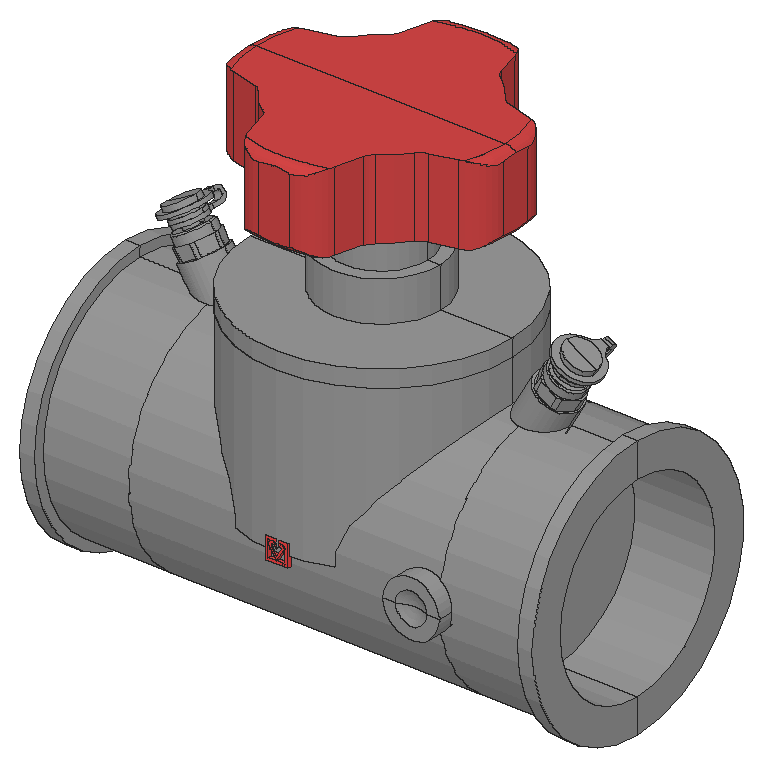
Revit family "HERZ Strömax Commissioning Valve With Test Points, Straight Body 4217 GM", category Rohrzubehör, Revit 2020
Family settings
  Bemaßung runder Anschluss = Durchmesser verwenden
  Teiletyp = Unterbricht
  OmniClass-Nummer = 23.65.55.14
  OmniClass-Titel = Valves for Liquid Services
  Arbeitsebenenbasiert = Nein
  Immer vertikal = Ja
  Beim Laden mit Abzugskörper schneiden = Nein
  Gemeinsam genutzt = Nein
Parameters
  kvs-value [instance] = if(Nennweite = 15.00 mm, 6.05, if(Nennweite = 20.00 mm, 6.11, if(Nennweite = 25.00 mm, 9.22, if(Nennweite = 32.00 mm, 18.83, if(Nennweite = 40.00 mm, 23.29, if(Nennweite = 50.00 mm, 35.26, if(Nennweite = 65.00 mm, 52.11, if(Nennweite = 80.00 mm, 76.1, 0))))))))  # 76.1
  W02 = 60.00°  # constant formula
  W01 = 30.00°  # constant formula
  Vorgabe-Ansicht = 0.00 mm
  URL = "www.herzvalves.com"
  SC_NennweiteBerechnet = 0
  SC_Dimension = ""
  SCRNSEQ = "ARM;ARM_TYP=\"STRV\";2"
  SCRNCODE = "05;07;02"  # constant formula
  S02 = 60.00 mm  # constant formula
  S01 [instance] = H00 + H01  # 119.31 mm
  R01 [instance] = size_lookup("4217_GM_", "R1", 1.00 mm, Nennweite)  # 53.00 mm
  Part number [instance] = size_lookup("4217_GM_", "Artnr", 0, Nennweite)  # 1421708
  Nennweite [instance] = 80.00 mm
  Model = "STRÖMAX-GM commissioning valve with test points, 1/2′′ – 3′′:\r\nScrew down model, brass version, socket x socket, non-rising spindle, spindle seal by means of double-O-ring, presetting by limitation of valve lift by means of internal spindle;\r\ndigital display of presetting step at the hand wheel window.\r\n2 standard test points are located adjacent to the hand wheel."
  Medium = "Water purity in accordance with the OeNORM H5195 and VDI 2035 standards.\r\nEthylene and propylene glycol can be mixed to a ratio of 25 - 50 vol. [%]."
  Max. operating pressure = 1600000.0 Pa  # constant formula
  Max. operating temperature (up to DN32) = 130 °C  # constant formula
  Max. operating temperature (from DN40) = 110 °C  # constant formula
  ML02 [instance] = size_lookup("4217_GM_", "ML2", 1.00 mm, Nennweite)  # 70.50 mm
  ML01 [instance] = size_lookup("4217_GM_", "ML1", 1.00 mm, Nennweite)  # 37.35 mm
  MD01 = 9.50 mm  # constant formula
  L02 [instance] = size_lookup("4217_GM_", "L2", 1.00 mm, Nennweite)  # 6.00 mm
  L01 [instance] = size_lookup("4217_GM_", "L1", 1.00 mm, Nennweite)  # 41.30 mm
  L00 [instance] = size_lookup("4217_GM_", "L", 1.00 mm, Nennweite)  # 210.00 mm
  IG [instance] = Nennweite / 2  # 40.00 mm
  Hersteller = "HERZ Armaturen Ges.m.b.H."  # constant formula
  H04 [instance] = size_lookup("4217_GM_", "H4", 1.00 mm, Nennweite)  # 19.00 mm
  H03 = 10.00 mm  # constant formula
  H02 [instance] = size_lookup("4217_GM_", "H2", 1.00 mm, Nennweite)  # 7.00 mm
  H01 [instance] = size_lookup("4217_GM_", "H1", 1.00 mm, Nennweite)  # 52.60 mm
  H00 [instance] = size_lookup("4217_GM_", "H", 1.00 mm, Nennweite)  # 66.71 mm
  Weight [instance] = if(Nennweite = 15.00 mm, "0.85 kg", if(Nennweite = 20.00 mm, "1.22 kg", if(Nennweite = 25.00 mm, "1.55 kg", if(Nennweite = 32.00 mm, "1.88 kg", if(Nennweite = 40.00 mm, "2.34 kg", if(Nennweite = 50.00 mm, "3.74 kg", if(Nennweite = 65.00 mm, "5.23 kg", if(Nennweite = 80.00 mm, "6.97 kg", "0 kg"))))))))  # "6.97 kg"
  GT [instance] = size_lookup("4217_GM_", "GT", 1.00 mm, Nennweite)  # 33.30 mm
  Field of application = "For hydraulic balancing in heating and cooling systems, adjustment of distribution mains, circuits, heat exchangers, heating and cooling registers, etc."
  Installation position = "The non-rising valve spindle arranged perpendicular to the valve axis guarantees optimum accessibility and optimum valve operation in any installation position."
  Differential pressure measurement = "The STRÖMAX-GM commissioning valve is equipped with two test points.\r\nThe differential pressure can be measured using a suitable measuring instrument, which permits calculation of the flow rate as a function of the respective presetting step.\r\nThe HERZ-Measuring computer (1 8900 05) permits direct flow rate reading (consult the equipment manual)."
  DN80 [instance] = Nennweite = 80.00 mm  # yes
  DN65 [instance] = Nennweite = 65.00 mm  # no
  DN50_DN80 [instance] = or(Nennweite = 50.00 mm, Nennweite = 65.00 mm, Nennweite = 80.00 mm)  # yes
  DN50-DN80 [instance] = H00 + H01  # 119.31 mm
  DN50 [instance] = Nennweite = 50.00 mm  # no
  DN40 [instance] = Nennweite = 40.00 mm  # no
  DN32 [instance] = Nennweite = 32.00 mm  # no
  DN25 [instance] = Nennweite = 25.00 mm  # no
  DN20 [instance] = Nennweite = 20.00 mm  # no
  DN15_DN40 [instance] = or(Nennweite = 15.00 mm, Nennweite = 20.00 mm, Nennweite = 25.00 mm, Nennweite = 32.00 mm, Nennweite = 40.00 mm)  # no
  DN15-DN40 [instance] = H00 + H01  # 119.31 mm
  DN15 [instance] = Nennweite = 15.00 mm  # no
  D06 [instance] = size_lookup("4217_GM_", "D6", 1.00 mm, Nennweite)  # 24.30 mm
  D05 [instance] = size_lookup("4217_GM_", "D5", 1.00 mm, Nennweite)  # 19.00 mm
  D04 = 9.00 mm  # constant formula
  D03 [instance] = size_lookup("4217_GM_", "D3", 1.00 mm, Nennweite)  # 53.80 mm
  D02 [instance] = size_lookup("4217_GM_", "D2", 1.00 mm, Nennweite)  # 54.00 mm
  D01 [instance] = size_lookup("4217_GM_", "D1", 1.00 mm, Nennweite)  # 50.00 mm
  Body = "DZR brass"  # constant formula
Reference planes
  plane 1 "Mitte (Vorne/hinten)": y = 0
  plane 2: z = 0
  plane 3 "Mitte (Links/rechts)": x = 0
Forms (mm)
  Revolve 1, solid, material "Messing, weicher Gelbton, geschweißt", detail levels fine
    sketch origin (0, 0, 0) x (1, 0, 0) y (0, 0, 1)
      loop
        line (-105, 54) -> (-105, 40) -> (-71.7, 40) -> (-71.7, 0) -> (71.7, 0) -> (71.7, 40) -> (105, 40) -> (105, 54) -> (99, 54) -> (99, 50) -> (63.7, 50)
        arc (63.7, 50) -> (0, 53) -> (-63.7, 50) r 677.782
        line (-63.7, 50) -> (-99, 50) -> (-99, 54) -> (-105, 54)
      axis (-105, 0) -> (105, 0)
    angle from 0 to 360
  Revolve 2, solid, material "Messing, weicher Gelbton, geschweißt", detail levels fine
    sketch origin (0, 0, 0) x (1, 0, 0) y (0, 0, 1)
      loop
        line (37.35, 0) -> (72.6, 61.055) -> (64.373, 65.805) -> (29.123, 4.75) -> (37.35, 0)
      axis (37.35, 0) -> (72.6, 61.055)
    angle from 0 to 360
  Revolve 3, solid, material "Messing, weicher Gelbton, geschweißt", detail levels fine
    sketch origin (0, 0, 0) x (1, 0, 0) y (0, 0, 1)
      loop
        line (0, 0) -> (0, 66.71) -> (-53.8, 66.71) -> (-53.8, 0) -> (0, 0)
      axis (0, 66.71) -> (0, 0)
    angle from 0 to 360
  Revolve 4, solid, material "Messing, weicher Gelbton, geschweißt", detail levels fine
    sketch origin (0, 0, 0) x (-1, 0, 0) y (0, 0, 1)
      loop
        line (37.35, 0) -> (72.6, 61.055) -> (64.373, 65.805) -> (29.123, 4.75) -> (37.35, 0)
      axis (37.35, 0) -> (72.6, 61.055)
    angle from 0 to 360
  Revolve 5, solid, material "Messing, weicher Gelbton, geschweißt", visible <- "DN65", detail levels fine
    sketch origin (0, 0, 0) x (1, 0, 0) y (0, 1, 0)
      loop
        line (60, 47.945) -> (60, -47.945)
        arc (60, -47.945) -> (63.368, -48.598) -> (66.5, -50) r 15
        line (66.5, -50) -> (71.5, -50) -> (71.5, 50) -> (66.5, 50)
        arc (66.5, 50) -> (63.368, 48.598) -> (60, 47.945) r 15
      axis (60, 50) -> (60, -50)
    angle from 0 to 360
  Revolve 6, solid, material "Messing, weicher Gelbton, geschweißt", detail levels fine
    sketch origin (0, 0, 0) x (1, 0, 0) y (0, 0, 1)
      loop
        line (0, 66.71) -> (0, 119.31) -> (-9, 119.31) -> (-9, 109.31) -> (-19, 109.31) -> (-19, 90.31) -> (-24.3, 90.31) -> (-24.3, 73.71) -> (-53.8, 73.71) -> (-53.8, 66.71) -> (0, 66.71)
      axis (0, 119.31) -> (0, 66.71)
    angle from 0 to 360
  Revolve 7, solid, material "Messing, weicher Gelbton, geschweißt", visible <- "DN80", detail levels fine
    sketch origin (0, 0, 0) x (1, 0, 0) y (0, 1, 0)
      loop
        line (57, 53.945) -> (57, -53.945)
        arc (57, -53.945) -> (60.368, -54.598) -> (63.5, -56) r 15
        line (63.5, -56) -> (68.5, -56) -> (68.5, 56) -> (63.5, 56)
        arc (63.5, 56) -> (60.368, 54.598) -> (57, 53.945) r 15
      axis (57, 56) -> (57, -56)
    angle from 0 to 360
Lines and regions (mm)
  model lines, detail levels coarse+medium
    curve 1: line (-105, 0, 54) -> (-105, 0, -54)
    curve 2: line (-105, 0, -54) -> (105, 0, 54)
    curve 3: line (105, 0, 54) -> (105, 0, -54)
    curve 4: line (105, 0, -54) -> (-105, 0, 54)
    curve 5: line (0, 0, 0) -> (68.884, 0, 119.31)
    curve 6: line (42.903, 0, 134.31) -> (94.864, 0, 104.31)
    curve 7: line (-105, 54, 0) -> (-105, -54, 0)
    curve 8: line (-105, -54, 0) -> (105, 54, 0)
    curve 9: line (105, 54, 0) -> (105, -54, 0)
    curve 10: line (105, -54, 0) -> (-105, 54, 0)
    curve 11: line (0, 0, 0) -> (68.884, 119.31, 0)
    curve 12: line (42.903, 134.31, 0) -> (94.864, 104.31, 0)
Dimensions and locks
  "IG": Revolve 1 sketch curve to plane 2
  "GT": Revolve 1 sketch curve to Revolve 1 sketch curve  (x2)
  "IG": Revolve 1 sketch curve to Revolve 1 sketch curve
  "D01": Revolve 1 sketch curve to Revolve 1 sketch curve  (x2)
  "R01": Revolve 1 sketch curve to Revolve 1 sketch curve
  "L02": Revolve 1 sketch curve to Revolve 1 sketch curve  (x2)
  "L01": Revolve 1 sketch curve to Revolve 1 sketch curve  (x2)
  "D02": Revolve 1 sketch curve to plane 2  (x2)
  equal spacing: Revolve 1 sketch curve, plane 3 "Mitte (Links/rechts)", Revolve 1 sketch curve
  "L00": Revolve 1 sketch curve to Revolve 1 sketch curve
  "R01": nested 1 to plane 1 "Mitte (Vorne/hinten)"
  "ML01": Revolve 2 sketch curve to plane 3 "Mitte (Links/rechts)"
  "H00": Revolve 3 sketch curve to plane 2
  "D03": Revolve 3 sketch curve to Revolve 3 sketch curve
  "ML02": Revolve 2 sketch curve to Revolve 2 sketch curve
  "MD01": Revolve 2 sketch curve to Revolve 2 sketch curve  (x2)
  "ML02": Revolve 4 sketch curve to Revolve 4 sketch curve
  "MD01": Revolve 4 sketch curve to Revolve 4 sketch curve  (x2)
  "ML01": plane 3 "Mitte (Links/rechts)" to Revolve 4 sketch curve
  Revolve 5 sketch curve to Revolve 1 = 45.00 mm
  Revolve 5 sketch curve to Revolve 5 sketch curve = 11.50 mm  (x2)
  Revolve 5 sketch curve to plane 1 "Mitte (Vorne/hinten)" to Revolve 5 sketch curve = 50.00 mm, 50.00 mm
  "H00": Revolve 6 sketch curve to plane 2
  "H01": Revolve 6 sketch curve to Revolve 6 sketch curve
  "D04": Revolve 6 sketch curve to Revolve 6 sketch curve
  "D03": Revolve 6 sketch curve to Revolve 6 sketch curve
  "D05": Revolve 6 sketch curve to Revolve 6 sketch curve
  "D06": Revolve 6 sketch curve to Revolve 6 sketch curve
  "H02": Revolve 6 sketch curve to Revolve 6 sketch curve
  "H03": Revolve 6 sketch curve to Revolve 6 sketch curve
  "H04": Revolve 6 sketch curve to Revolve 6 sketch curve
  Revolve 7 sketch curve to Revolve 1 = 48.00 mm
  Revolve 7 sketch curve to Revolve 7 sketch curve = 11.50 mm  (x2)
  Revolve 7 sketch curve to plane 1 "Mitte (Vorne/hinten)" to Revolve 7 sketch curve = 56.00 mm, 56.00 mm
  "DN15-DN40": nested 2 to plane 2
  "DN50-DN80": nested 3 to plane 2
  "D02": curve 4 to plane 2 to curve 2
  "D02": curve 3 to plane 2 to curve 4
  equal spacing: curve 1, plane 3 "Mitte (Links/rechts)", curve 3
  "L00": curve 1 to curve 3
  equal spacing: Revolve 1, curve 5, Revolve 1
  "S01": curve 5 to plane 2
  equal spacing: curve 6, curve 5, curve 6
  "S02": curve 6 to curve 6
  "D02": curve 8 to plane 1 "Mitte (Vorne/hinten)" to curve 10
  "D02": curve 10 to plane 1 "Mitte (Vorne/hinten)" to curve 9
  equal spacing: curve 7, plane 3 "Mitte (Links/rechts)", curve 9
  "L00": curve 7 to curve 9
  equal spacing: curve 7, curve 11, curve 9
  "S01": plane 1 "Mitte (Vorne/hinten)" to curve 11
  equal spacing: curve 12, curve 11, curve 12
  "S02": curve 12 to curve 12
  radius of Revolve 5 sketch curve = 15.00 mm  (x2)
  radius of Revolve 7 sketch curve = 15.00 mm  (x2)
  "W01": angle Revolve 2 sketch curve to plane 3 "Mitte (Links/rechts)"  (x2)
  "W01": angle plane 3 "Mitte (Links/rechts)" to Revolve 4 sketch curve  (x2)
  "W02": angle plane 2 to curve 5
  "W02": angle plane 1 "Mitte (Vorne/hinten)" to curve 11
  aligned and locked: level to plane 2
Automatic sketch dimensions
  Revolve 5 sketch curve to Revolve 5 sketch curve = 1.153 mm  (x2)
  Revolve 5 sketch curve to Revolve 5 sketch curve = 5.00 mm  (x2)
  Revolve 5 sketch curve to Revolve 5 sketch curve = 2.854 mm  (x2)
  Revolve 7 sketch curve to Revolve 7 sketch curve = 1.153 mm  (x2)
  Revolve 7 sketch curve to Revolve 7 sketch curve = 5.00 mm  (x2)
  Revolve 7 sketch curve to Revolve 7 sketch curve = 8.854 mm  (x2)
  Revolve 1 sketch curve to level = 0.00 mm  (x2)
  Revolve 1 sketch curve to Revolve 1 sketch curve = 1429.986 mm
  Revolve 1 sketch curve to Revolve 1 sketch curve = 1762.604 mm
  Revolve 2 sketch curve to level = 0.00 mm  (x2)
  Revolve 3 sketch curve to level = 0.00 mm
  Revolve 3 sketch curve to plane 3 "Mitte (Links/rechts)" = 0.00 mm  (x2)
  Revolve 3 sketch curve to Revolve 3 sketch curve = 366.045 mm
  Revolve 3 sketch curve to Revolve 3 sketch curve = 2179.415 mm
  Revolve 4 sketch curve to level = 0.00 mm  (x2)
  Revolve 6 sketch curve to plane 3 "Mitte (Links/rechts)" = 0.00 mm  (x2)
  Revolve 6 sketch curve to level = 366.045 mm
  Revolve 6 sketch curve to Revolve 6 sketch curve = 2146.115 mm
Nested families
  nested 1: "Herz-Logo-vorne" at (0, -53, 0) x (0, 1, 0) z (0, 0, 1), type "Herz-Logo-vorne", detail levels fine
  nested 2: "Strangregulierventil-Handrad-Gerade (Rot) DN15-DN40" at (0, 0, 119.31), visible <- "DN15_DN40", type "Strangregulierventil-Handrad-Gerade (Rot) DN15-DN40", detail levels fine
    with Nennweite 0.00 mm, Gewicht 0.00 kg, Bestellnummer 0
  nested 3: "Strangregulierventil-Handrad-Gerade (Rot) DN50-DN80" at (0, 0, 119.31), visible <- "DN50_DN80", type "Strangregulierventil-Handrad-Gerade (Rot) DN50-DN80", detail levels fine
    with Nennweite 0.00 mm, Gewicht 0.00 kg, Bestellnummer 0
  nested 4: "Messstutzen_Band_Austritt_30Grad_(oben)" at (47.24, 0, 34.901), visible <- "DN50", type "Messstutzen_Band_Austritt_30Grad_(oben)", detail levels fine
    with Schutzkappe yes, Nennweite 0.00 mm, Gewicht 0.00 kg, Bestellnummer 0
  nested 5: "Messstutzen_Band_Eintritt_30Grad_(oben)" at (-47.24, 0, 34.901) x (-1, 0, 0) z (0, 0, 1), visible <- "DN50", type "Messstutzen_Band_Eintritt_30Grad_(oben)", detail levels fine
    with Schutzkappe yes, Nennweite 0.00 mm, Gewicht 0.00 kg, Bestellnummer 0
  nested 6: "Messstutzen_Band_Austritt_30Grad_(oben)" at (27.02, 0, 10.999), visible <- "DN15", type "Messstutzen_Band_Austritt_30Grad_(oben)", detail levels fine
    with Schutzkappe yes, Nennweite 0.00 mm, Gewicht 0.00 kg, Bestellnummer 0
  nested 7: "Messstutzen_Band_Eintritt_30Grad_(oben)" at (-27.02, 0, 10.999) x (-1, 0, 0) z (0, 0, 1), visible <- "DN15", type "Messstutzen_Band_Eintritt_30Grad_(oben)", detail levels fine
    with Schutzkappe yes, Nennweite 0.00 mm, Gewicht 0.00 kg, Bestellnummer 0
  nested 8: "Messstutzen_Band_Eintritt_30Grad_(oben)" at (-24.855, 0, 13.553) x (-1, 0, 0) z (0, 0, 1), visible <- "DN20", type "Messstutzen_Band_Eintritt_30Grad_(oben)", detail levels fine
    with Schutzkappe yes, Nennweite 0.00 mm, Gewicht 0.00 kg, Bestellnummer 0
  nested 9: "Messstutzen_Band_Austritt_30Grad_(oben)" at (24.855, 0, 13.553), visible <- "DN20", type "Messstutzen_Band_Austritt_30Grad_(oben)", detail levels fine
    with Schutzkappe yes, Nennweite 0.00 mm, Gewicht 0.00 kg, Bestellnummer 0
  nested 10: "Messstutzen_Band_Eintritt_30Grad_(oben)" at (-29.265, 0, 17.883) x (-1, 0, 0) z (0, 0, 1), visible <- "DN25", type "Messstutzen_Band_Eintritt_30Grad_(oben)", detail levels fine
    with Schutzkappe yes, Nennweite 0.00 mm, Gewicht 0.00 kg, Bestellnummer 0
  nested 11: "Messstutzen_Band_Austritt_30Grad_(oben)" at (29.265, 0, 17.883), visible <- "DN25", type "Messstutzen_Band_Austritt_30Grad_(oben)", detail levels fine
    with Schutzkappe yes, Nennweite 0.00 mm, Gewicht 0.00 kg, Bestellnummer 0
  nested 12: "Messstutzen_Band_Eintritt_30Grad_(oben)" at (-37.74, 0, 24.595) x (-1, 0, 0) z (0, 0, 1), visible <- "DN32", type "Messstutzen_Band_Eintritt_30Grad_(oben)", detail levels fine
    with Schutzkappe yes, Nennweite 0.00 mm, Gewicht 0.00 kg, Bestellnummer 0
  nested 13: "Messstutzen_Band_Austritt_30Grad_(oben)" at (37.74, 0, 24.595), visible <- "DN32", type "Messstutzen_Band_Austritt_30Grad_(oben)", detail levels fine
    with Schutzkappe yes, Nennweite 0.00 mm, Gewicht 0.00 kg, Bestellnummer 0
  nested 14: "Messstutzen_Band_Eintritt_30Grad_(oben)" at (-42.8, 0, 28.665) x (-1, 0, 0) z (0, 0, 1), visible <- "DN40", type "Messstutzen_Band_Eintritt_30Grad_(oben)", detail levels fine
    with Schutzkappe yes, Nennweite 0.00 mm, Gewicht 0.00 kg, Bestellnummer 0
  nested 15: "Messstutzen_Band_Austritt_30Grad_(oben)" at (42.8, 0, 28.665), visible <- "DN40", type "Messstutzen_Band_Austritt_30Grad_(oben)", detail levels fine
    with Schutzkappe yes, Nennweite 0.00 mm, Gewicht 0.00 kg, Bestellnummer 0
  nested 16: "Messstutzen_Band_Eintritt_30Grad_(oben)" at (-54.5, 0, 38.105) x (-1, 0, 0) z (0, 0, 1), visible <- "DN65", type "Messstutzen_Band_Eintritt_30Grad_(oben)", detail levels fine
    with Schutzkappe yes, Nennweite 0.00 mm, Gewicht 0.00 kg, Bestellnummer 0
  nested 17: "Messstutzen_Band_Austritt_30Grad_(oben)" at (54.5, 0, 38.105), visible <- "DN65", type "Messstutzen_Band_Austritt_30Grad_(oben)", detail levels fine
    with Schutzkappe yes, Nennweite 0.00 mm, Gewicht 0.00 kg, Bestellnummer 0
  nested 18: "Messstutzen_Band_Eintritt_30Grad_(oben)" at (-63.85, 0, 45.899) x (-1, 0, 0) z (0, 0, 1), visible <- "DN80", type "Messstutzen_Band_Eintritt_30Grad_(oben)", detail levels fine
    with Schutzkappe yes, Nennweite 0.00 mm, Gewicht 0.00 kg, Bestellnummer 0
  nested 19: "Messstutzen_Band_Austritt_30Grad_(oben)" at (63.85, 0, 45.899), visible <- "DN80", type "Messstutzen_Band_Austritt_30Grad_(oben)", detail levels fine
    with Schutzkappe yes, Nennweite 0.00 mm, Gewicht 0.00 kg, Bestellnummer 0
Connectors
  piping at (-71.7, 0, 0), diameter 80, driven by "Nennweite"
    settings: on Revolve 1, index 1, connector inside diameter 609.6 mm, connector length 0.00 mm, flow factor 0, pipe flow 0.0 L/s, pressure drop 0.0 Pa, fitting loss kfactor 0, connector angle 0.00°, fixture units 0, engagement length 0.00 mm, angle of deflection 0.00°, flow configuration 0, flow direction 1, fitting loss method 0, system type 29, joint type 0, gender type 0, connector reference index -1, connector utility 0, adjustable connector no, is connector primary yes, connector description ""
  piping at (71.7, 0, 0), diameter 80, driven by "Nennweite"
    settings: on Revolve 1, index 2, connector inside diameter 609.6 mm, connector length 0.00 mm, flow factor 0, pipe flow 0.0 L/s, pressure drop 0.0 Pa, fitting loss kfactor 0, connector angle 0.00°, fixture units 0, engagement length 0.00 mm, angle of deflection 0.00°, flow configuration 0, flow direction 2, fitting loss method 0, system type 29, joint type 0, gender type 0, connector reference index -1, connector utility 0, adjustable connector no, is connector primary no, connector description ""
Definition of nested family "Herz-Logo-vorne"
  Parameters (values of type "Herz-Logo-vorne")
    Default Elevation = 0.00 mm
  Reference planes
    plane 1 "Mitte (Vorne/hinten)": y = 0
    plane 2: z = 0
    plane 3 "Mitte (Links/rechts)": x = 0
  Forms (mm)
    Extrusion 1, solid
      sketch origin (0.732, -0.018, 0.017) x (0, -1, 0) y (0, 0, 1)
        loop
          line (-0.018, -4.517) -> (4.482, -4.517) -> (4.482, 4.483) -> (-4.518, 4.483) -> (-4.518, -4.517) -> (-0.018, -4.517)
        loop
          line (-0.05, -3.48) -> (3.482, -3.48) -> (3.482, 3.483) -> (-3.518, 3.483) -> (-3.518, -3.48) -> (-0.05, -3.48)
        loop
          arc (-0.018, 2.383) -> (-1.543, 3.287) -> (-3.067, 2.383) r 1.738
          arc (-3.067, 2.383) -> (-3.191, 1.899) -> (-3.067, 1.415) r 1.009
          line (-3.067, 1.415) -> (-0.018, -3.281) -> (3.032, 1.415)
          arc (3.032, 1.415) -> (3.156, 1.899) -> (3.032, 2.383) r 1.009
          arc (3.032, 2.383) -> (1.507, 3.287) -> (-0.018, 2.383) r 1.738
        loop
          arc (1.885, 1.272) -> (2.005, 1.675) -> (1.885, 2.079) r 0.74
          arc (1.885, 2.079) -> (1.265, 2.416) -> (0.644, 2.079) r 0.74
          line (0.644, 2.079) -> (-0.018, 0.97) -> (-0.679, 2.079)
          arc (-0.679, 2.079) -> (-1.3, 2.416) -> (-1.921, 2.079) r 0.74
          arc (-1.921, 2.079) -> (-2.04, 1.675) -> (-1.921, 1.272) r 0.74
          line (-1.921, 1.272) -> (-0.018, -1.658) -> (1.885, 1.272)
      from 0 to 1.5
  Dimensions and locks
    aligned and locked: level to plane 2
Definition of nested family "Strangregulierventil-Handrad-Gerade (Rot) DN15-DN40"
  Parameters (values of type "Strangregulierventil-Handrad-Gerade (Rot) DN15-DN40")
    Default Elevation = 0.00 mm
    URL = "www.herz-armaturen.at"
    Nennweite [instance] = 0.00 mm
    Manufacturer = "Herz Armaturen GmbH"  # constant formula
    Gewicht [instance] = 0.00 kg
    Bestellnummer [instance] = 0
  Reference planes
    plane 1 "Mitte (Vorne/hinten)": y = 0
    plane 2: z = 0
    plane 3 "Mitte (Links/rechts)": x = 0
  Forms (mm)
    Revolve 1, solid, detail levels fine
      sketch origin (0, 0, 0) x (1, 0, 0) y (0, 0, 1)
        loop
          line (0, 0) -> (0, 24.95) -> (-30.992, 24.95)
          arc (-30.992, 24.95) -> (-34.37, 23.636) -> (-35.973, 20.386) r 5
          line (-35.973, 20.386) -> (-37, 8.65) -> (-35.986, -2.936)
          arc (-35.986, -2.936) -> (-34.383, -6.186) -> (-31.005, -7.5) r 5
          line (-31.005, -7.5) -> (-15, -7.5) -> (-15, 0) -> (0, 0)
        axis (0, 24.95) -> (0, -7.5)
      angle from 0 to 360
    Extrusion 2, void
      sketch origin (0, 0, 20.3) x (1, 0, 0) y (0, 1, 0)
        loop
          line (3.861, 35.5) -> (-3.861, 35.5)
          arc (-3.861, 35.5) -> (-8.731, 33.847) -> (-11.589, 29.571) r 8
          line (-11.589, 29.571) -> (-13.284, 23.245)
          arc (-13.284, 23.245) -> (-13.982, 21.722) -> (-15.144, 20.516) r 5
          arc (-15.144, 20.516) -> (-18.031, 18.031) -> (-20.516, 15.144) r 25.5
          arc (-20.516, 15.144) -> (-21.722, 13.982) -> (-23.245, 13.284) r 5
          line (-23.245, 13.284) -> (-29.571, 11.589)
          arc (-29.571, 11.589) -> (-33.847, 8.731) -> (-35.5, 3.861) r 8
          line (-35.5, 3.861) -> (-35.5, -3.861)
          arc (-35.5, -3.861) -> (-33.847, -8.731) -> (-29.571, -11.589) r 8
          line (-29.571, -11.589) -> (-23.245, -13.284)
          arc (-23.245, -13.284) -> (-21.722, -13.982) -> (-20.516, -15.144) r 5
          arc (-20.516, -15.144) -> (-18.031, -18.031) -> (-15.144, -20.516) r 25.5
          arc (-15.144, -20.516) -> (-13.982, -21.722) -> (-13.284, -23.245) r 5
          line (-13.284, -23.245) -> (-11.589, -29.571)
          arc (-11.589, -29.571) -> (-8.731, -33.847) -> (-3.861, -35.5) r 8
          line (-3.861, -35.5) -> (3.861, -35.5)
          arc (3.861, -35.5) -> (8.731, -33.847) -> (11.589, -29.571) r 8
          line (11.589, -29.571) -> (13.284, -23.245)
          arc (13.284, -23.245) -> (13.982, -21.722) -> (15.144, -20.516) r 5
          arc (15.144, -20.516) -> (18.031, -18.031) -> (20.516, -15.144) r 25.5
          arc (20.516, -15.144) -> (21.722, -13.982) -> (23.245, -13.284) r 5
          line (23.245, -13.284) -> (29.571, -11.589)
          arc (29.571, -11.589) -> (33.847, -8.731) -> (35.5, -3.861) r 8
          line (35.5, -3.861) -> (35.5, 3.861)
          arc (35.5, 3.861) -> (33.847, 8.731) -> (29.571, 11.589) r 8
          line (29.571, 11.589) -> (23.245, 13.284)
          arc (23.245, 13.284) -> (21.722, 13.982) -> (20.516, 15.144) r 5
          arc (20.516, 15.144) -> (18.031, 18.031) -> (15.144, 20.516) r 25.5
          arc (15.144, 20.516) -> (13.982, 21.722) -> (13.284, 23.245) r 5
          line (13.284, 23.245) -> (11.589, 29.571)
          arc (11.589, 29.571) -> (8.731, 33.847) -> (3.861, 35.5) r 8
        loop
          circle (0, 0) r 38
      from -31.266 to 7.923
  Cuts and joins
    Extrusion 2 cuts Revolve 1
  Dimensions and locks
    Revolve 1 sketch curve to Revolve 1 sketch curve = 15.00 mm
    Revolve 1 sketch curve to Revolve 1 sketch curve = 16.15 mm
    Revolve 1 sketch curve to Revolve 1 sketch curve = 16.30 mm
    angle Revolve 1 sketch curve to Revolve 1 sketch curve = 95.00°
    aligned and locked: level to plane 2
Definition of nested family "Strangregulierventil-Handrad-Gerade (Rot) DN50-DN80"
  Parameters (values of type "Strangregulierventil-Handrad-Gerade (Rot) DN50-DN80")
    Default Elevation = 0.00 mm
    URL = "www.herz-armaturen.at"
    Nennweite [instance] = 0.00 mm
    Manufacturer = "Herz Armaturen GmbH"  # constant formula
    Gewicht [instance] = 0.00 kg
    Bestellnummer [instance] = 0
  Reference planes
    plane 1 "Mitte (Vorne/hinten)": y = 0
    plane 2: z = 0
    plane 3 "Mitte (Links/rechts)": x = 0
  Forms (mm)
    Revolve 1, solid, detail levels fine
      sketch origin (0, 0, 0) x (1, 0, 0) y (0, 0, 1)
        loop
          line (0, 0) -> (0, 24.95) -> (-50.992, 24.95)
          arc (-50.992, 24.95) -> (-54.37, 23.636) -> (-55.973, 20.386) r 5
          line (-55.973, 20.386) -> (-57, 8.65) -> (-55.986, -2.936)
          arc (-55.986, -2.936) -> (-54.383, -6.186) -> (-51.005, -7.5) r 5
          line (-51.005, -7.5) -> (-15, -7.5) -> (-15, 0) -> (0, 0)
        axis (0, 24.95) -> (0, -7.5)
      angle from 0 to 360
    Extrusion 2, void
      sketch origin (0, 0, 20.3) x (1, 0, 0) y (0, 1, 0)
        loop
          line (-55, 6.292) -> (-55, -6.292)
          arc (-55, -6.292) -> (-52.52, -13.597) -> (-46.106, -17.883) r 12
          line (-46.106, -17.883) -> (-35.399, -20.752)
          arc (-35.399, -20.752) -> (-33.541, -21.612) -> (-32.08, -23.047) r 6
          arc (-32.08, -23.047) -> (-27.931, -27.931) -> (-23.047, -32.08) r 39.5
          arc (-23.047, -32.08) -> (-21.612, -33.541) -> (-20.752, -35.399) r 6
          line (-20.752, -35.399) -> (-17.883, -46.106)
          arc (-17.883, -46.106) -> (-13.597, -52.52) -> (-6.292, -55) r 12
          line (-6.292, -55) -> (6.292, -55)
          arc (6.292, -55) -> (13.597, -52.52) -> (17.883, -46.106) r 12
          line (17.883, -46.106) -> (20.752, -35.399)
          arc (20.752, -35.399) -> (21.612, -33.541) -> (23.047, -32.08) r 6
          arc (23.047, -32.08) -> (27.931, -27.931) -> (32.08, -23.047) r 39.5
          arc (32.08, -23.047) -> (33.541, -21.612) -> (35.399, -20.752) r 6
          line (35.399, -20.752) -> (46.106, -17.883)
          arc (46.106, -17.883) -> (52.52, -13.597) -> (55, -6.292) r 12
          line (55, -6.292) -> (55, 6.292)
          arc (55, 6.292) -> (52.52, 13.597) -> (46.106, 17.883) r 12
          line (46.106, 17.883) -> (35.399, 20.752)
          arc (35.399, 20.752) -> (33.541, 21.612) -> (32.08, 23.047) r 6
          arc (32.08, 23.047) -> (27.931, 27.931) -> (23.047, 32.08) r 39.5
          arc (23.047, 32.08) -> (21.612, 33.541) -> (20.752, 35.399) r 6
          line (20.752, 35.399) -> (17.883, 46.106)
          arc (17.883, 46.106) -> (13.597, 52.52) -> (6.292, 55) r 12
          line (6.292, 55) -> (-6.292, 55)
          arc (-6.292, 55) -> (-13.597, 52.52) -> (-17.883, 46.106) r 12
          line (-17.883, 46.106) -> (-20.752, 35.399)
          arc (-20.752, 35.399) -> (-21.612, 33.541) -> (-23.047, 32.08) r 6
          arc (-23.047, 32.08) -> (-27.931, 27.931) -> (-32.08, 23.047) r 39.5
          arc (-32.08, 23.047) -> (-33.541, 21.612) -> (-35.399, 20.752) r 6
          line (-35.399, 20.752) -> (-46.106, 17.883)
          arc (-46.106, 17.883) -> (-52.52, 13.597) -> (-55, 6.292) r 12
        loop
          circle (0, 0) r 60
      from -31.161 to 7.489
  Cuts and joins
    Extrusion 2 cuts Revolve 1
  Dimensions and locks
    Revolve 1 sketch curve to Revolve 1 sketch curve = 15.00 mm
    Revolve 1 sketch curve to Revolve 1 sketch curve = 16.15 mm
    Revolve 1 sketch curve to Revolve 1 sketch curve = 16.30 mm
    Revolve 1 sketch curve to Revolve 1 sketch curve = 57.00 mm
    angle Revolve 1 sketch curve to Revolve 1 sketch curve = 95.00°
    aligned and locked: level to plane 2
Definition of nested family "Messstutzen_Band_Austritt_30Grad_(oben)"
  Parameters (values of type "Messstutzen_Band_Austritt_30Grad_(oben)")
    Default Elevation = 0.00 mm
    URL = "www.herz-armaturen.at"
    Schutzkappe [instance] = yes
    Nennweite [instance] = 0.00 mm
    Manufacturer = "Herz Armaturen GmbH"  # constant formula
    Gewicht [instance] = 0.00 kg
    Bestellnummer [instance] = 0
  Reference planes
    plane 1 "Mitte (Vorne/hinten)": y = 0
    plane 2: z = 0
    plane 3 "Mitte (Links/rechts)": x = 0
  Forms (mm)
    Revolve 1, solid, detail levels fine
      sketch origin (0, 0, 0) x (0.866025, 0, -0.5) y (0.5, 0, 0.866025)
        loop
          line (-7.4, 9) -> (-5.55, 9) -> (-5.55, 6)
          arc (-5.55, 6) -> (-5.626, 5.617) -> (-5.843, 5.293) r 1
          line (-5.843, 5.293) -> (-6.455, 4.681) -> (-6.455, 0.9) -> (-5.555, 0) -> (-2, 0) -> (-2, 17.5) -> (-8.4, 17.5)
          arc (-8.4, 17.5) -> (-7.693, 17.207) -> (-7.4, 16.5) r 1
          line (-7.4, 16.5) -> (-7.4, 9)
        loop
          line (-3.7, 27) -> (-7.3, 27) -> (-7.9, 26.4) -> (-7.9, 23) -> (-2, 23) -> (-2, 35.8) -> (-3.805, 35.8) -> (-4.415, 35.19) -> (-4.415, 30.863) -> (-3.7, 30.45) -> (-3.7, 27)
        axis (0, 0) -> (0, 35.8)
      angle from 0 to 360
    Extrusion 2, solid, detail levels fine
      sketch origin (8.75, 0, 15.155) x (0, 1, 0) y (-0.866025, 0, 0.5)
        loop
          arc (-7.07, 5.156) -> (-7.578, 4.375) -> (-8, 3.544) r 8.75
          line (-8, 3.544) -> (-8, -3.544)
          arc (-8, -3.544) -> (-7.578, -4.375) -> (-7.07, -5.156) r 8.75
          line (-7.07, -5.156) -> (-0.93, -8.7)
          arc (-0.93, -8.7) -> (0, -8.75) -> (0.93, -8.7) r 8.75
          line (0.93, -8.7) -> (7.07, -5.156)
          arc (7.07, -5.156) -> (7.578, -4.375) -> (8, -3.544) r 8.75
          line (8, -3.544) -> (8, 3.544)
          arc (8, 3.544) -> (7.578, 4.375) -> (7.07, 5.156) r 8.75
          line (7.07, 5.156) -> (0.93, 8.7)
          arc (0.93, 8.7) -> (0, 8.75) -> (-0.93, 8.7) r 8.75
          line (-0.93, 8.7) -> (-7.07, 5.156)
      from 0 to 5.5
    Revolve 3, solid, visible <- "Schutzkappe", detail levels fine
      sketch origin (0, 0, 0) x (0.866025, 0, -0.5) y (0.5, 0, 0.866025)
        loop
          line (0, 35.878) -> (0, 36.678) -> (-7, 36.678) -> (-7, 33.378) -> (-6.1, 33.378) -> (-6.1, 31.678) -> (-6.9, 31.678) -> (-6.9, 30.178) -> (-4.415, 30.178) -> (-4.415, 35.268) -> (-3.805, 35.878) -> (0, 35.878)
        axis (0, 30.178) -> (0, 36.678)
      angle from 0 to 360
    Extrusion 4, solid, detail levels fine
      sketch origin (14.25, 0, 24.682) x (0, 1, 0) y (0.866025, 0, -0.5)
        loop
          circle (0, 0) r 3.7
        loop
          arc (5.505, -3.906) -> (7.288, -2.358) -> (9.582, -1.8) r 5
          line (9.582, -1.8) -> (9.582, 1.8)
          arc (9.582, 1.8) -> (7.288, 2.358) -> (5.505, 3.906) r 5
          arc (5.505, 3.906) -> (-6.75, 0) -> (5.505, -3.906) r 6.75
      from 0 to -1.5
    Extrusion 5, solid, detail levels fine
      sketch origin (16.589, 0, 28.733) x (0, 1, 0) y (0.866025, 0, -0.5)
        loop
          circle (0, 0) r 6.1
        loop
          arc (8.652, -4.495) -> (10.493, -2.527) -> (13.089, -1.8) r 5
          line (13.089, -1.8) -> (13.089, 1.8)
          arc (13.089, 1.8) -> (10.493, 2.527) -> (8.652, 4.495) r 5
          arc (8.652, 4.495) -> (-9.75, 0) -> (8.652, -4.495) r 9.75
      from 0 to -1.5
    Sweep 6, solid, detail levels fine
      path origin (1.029, 0.159, 0.98) x (-0.5, 0, -0.866025) y (0, 1, 0)
        loop
          line (-27.75, 9.582) -> (-27.75, 14.522)
          arc (-27.75, 14.522) -> (-30.089, 16.862) -> (-32.428, 14.522) r 2.339
          line (-32.428, 14.522) -> (-32.428, 13.089)
      profile origin (14.904, 12.211, 25.012) x (0.5, 0, 0.866025) y (0.866025, 0, -0.5)
        loop
          line (-0.75, -1.8) -> (0.75, -1.8) -> (0.75, 1.8) -> (-0.75, 1.8) -> (-0.75, -1.8)
  Dimensions and locks
    aligned and locked: level to plane 2
Definition of nested family "Messstutzen_Band_Eintritt_30Grad_(oben)"
  Parameters (values of type "Messstutzen_Band_Eintritt_30Grad_(oben)")
    Default Elevation = 0.00 mm
    URL = "www.herz-armaturen.at"
    Schutzkappe [instance] = yes
    Nennweite [instance] = 0.00 mm
    Manufacturer = "Herz Armaturen GmbH"  # constant formula
    Gewicht [instance] = 0.00 kg
    Bestellnummer [instance] = 0
  Reference planes
    plane 1 "Mitte (Vorne/hinten)": y = 0
    plane 2: z = 0
    plane 3 "Mitte (Links/rechts)": x = 0
  Forms (mm)
    Revolve 1, solid, detail levels fine
      sketch origin (0, 0, 0) x (0.866025, 0, -0.5) y (0.5, 0, 0.866025)
        loop
          line (-7.4, 9) -> (-5.55, 9) -> (-5.55, 6)
          arc (-5.55, 6) -> (-5.626, 5.617) -> (-5.843, 5.293) r 1
          line (-5.843, 5.293) -> (-6.455, 4.681) -> (-6.455, 0.9) -> (-5.555, 0) -> (-2, 0) -> (-2, 17.5) -> (-8.4, 17.5)
          arc (-8.4, 17.5) -> (-7.693, 17.207) -> (-7.4, 16.5) r 1
          line (-7.4, 16.5) -> (-7.4, 9)
        loop
          line (-3.7, 27) -> (-7.3, 27) -> (-7.9, 26.4) -> (-7.9, 23) -> (-2, 23) -> (-2, 35.8) -> (-3.805, 35.8) -> (-4.415, 35.19) -> (-4.415, 30.863) -> (-3.7, 30.45) -> (-3.7, 27)
        axis (0, 0) -> (0, 35.8)
      angle from 0 to 360
    Extrusion 2, solid, detail levels fine
      sketch origin (8.75, 0, 15.155) x (0, 1, 0) y (-0.866025, 0, 0.5)
        loop
          arc (-7.07, 5.156) -> (-7.578, 4.375) -> (-8, 3.544) r 8.75
          line (-8, 3.544) -> (-8, -3.544)
          arc (-8, -3.544) -> (-7.578, -4.375) -> (-7.07, -5.156) r 8.75
          line (-7.07, -5.156) -> (-0.93, -8.7)
          arc (-0.93, -8.7) -> (0, -8.75) -> (0.93, -8.7) r 8.75
          line (0.93, -8.7) -> (7.07, -5.156)
          arc (7.07, -5.156) -> (7.578, -4.375) -> (8, -3.544) r 8.75
          line (8, -3.544) -> (8, 3.544)
          arc (8, 3.544) -> (7.578, 4.375) -> (7.07, 5.156) r 8.75
          line (7.07, 5.156) -> (0.93, 8.7)
          arc (0.93, 8.7) -> (0, 8.75) -> (-0.93, 8.7) r 8.75
          line (-0.93, 8.7) -> (-7.07, 5.156)
      from 0 to 5.5
    Revolve 3, solid, visible <- "Schutzkappe", detail levels fine
      sketch origin (0, 0, 0) x (0.866025, 0, -0.5) y (0.5, 0, 0.866025)
        loop
          line (0, 35.878) -> (0, 36.678) -> (-7, 36.678) -> (-7, 33.378) -> (-6.1, 33.378) -> (-6.1, 31.678) -> (-6.9, 31.678) -> (-6.9, 30.178) -> (-4.415, 30.178) -> (-4.415, 35.268) -> (-3.805, 35.878) -> (0, 35.878)
        axis (0, 30.178) -> (0, 36.678)
      angle from 0 to 360
    Extrusion 4, solid, detail levels fine
      sketch origin (14.25, 0, 24.682) x (0, 1, 0) y (0.866025, 0, -0.5)
        loop
          circle (0, 0) r 3.7
        loop
          arc (5.505, -3.906) -> (7.288, -2.358) -> (9.582, -1.8) r 5
          line (9.582, -1.8) -> (9.582, 1.8)
          arc (9.582, 1.8) -> (7.288, 2.358) -> (5.505, 3.906) r 5
          arc (5.505, 3.906) -> (-6.75, 0) -> (5.505, -3.906) r 6.75
      from 0 to -1.5
    Extrusion 5, solid, detail levels fine
      sketch origin (16.589, 0, 28.733) x (0, 1, 0) y (0.866025, 0, -0.5)
        loop
          circle (0, 0) r 6.1
        loop
          arc (8.652, -4.495) -> (10.493, -2.527) -> (13.089, -1.8) r 5
          line (13.089, -1.8) -> (13.089, 1.8)
          arc (13.089, 1.8) -> (10.493, 2.527) -> (8.652, 4.495) r 5
          arc (8.652, 4.495) -> (-9.75, 0) -> (8.652, -4.495) r 9.75
      from 0 to -1.5
    Sweep 6, solid, detail levels fine
      path origin (0.933, -0.183, 1.116) x (-0.5, 0, -0.866025) y (0, 1, 0)
        loop
          line (-27.75, 9.582) -> (-27.75, 14.522)
          arc (-27.75, 14.522) -> (-30.089, 16.862) -> (-32.428, 14.522) r 2.339
          line (-32.428, 14.522) -> (-32.428, 13.089)
      profile origin (14.808, 11.869, 25.148) x (0.5, 0, 0.866025) y (0.866025, 0, -0.5)
        loop
          line (-0.75, -1.8) -> (0.75, -1.8) -> (0.75, 1.8) -> (-0.75, 1.8) -> (-0.75, -1.8)
  Dimensions and locks
    aligned and locked: level to plane 2
